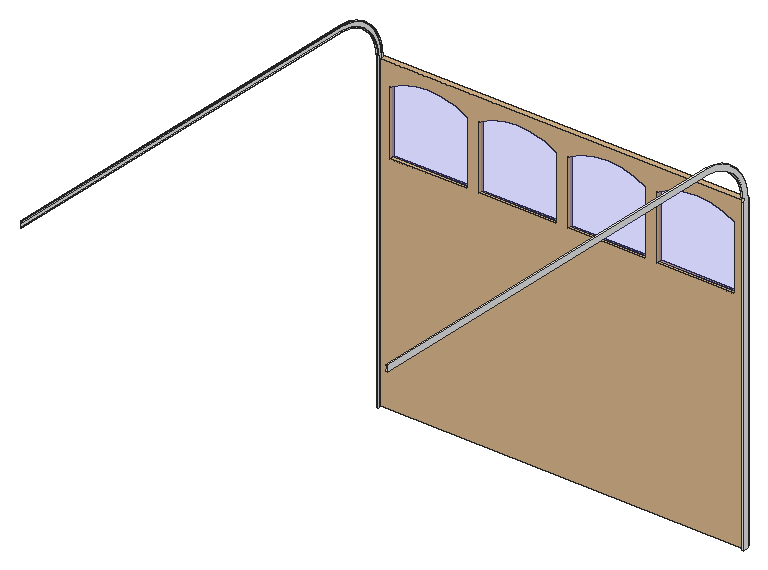
Revit family
Parameters (values of type "7Ft H x 8Ft W")
  Track Width = Width + 0' 2"  # 8' - 2"
  Track Height = Height + 1' 0"  # 8' - 0"
  Track Depth = 10' - 0"
  Track = Metal
  SmartBIM Object Version = 1  # constant formula
  SmartBIM Object Created By = "Reed Construction Data"  # constant formula
  Panel Thickness = 0' - 1 1/2"
  Manufacturer = ""
  Height = 7' - 0"
  Wall Closure = (empty or 0)
  Width = 8' - 0"
  Door Glass = Glass
  Door = Wood
  95 CSI = "08360"  # constant formula
  04 CSI = "08 36 13"  # constant formula
Types (3): name | Track Width | Width
  (no name) | 8' - 2" | 8' - 0"
  7Ft H x 8Ft W | 8' - 2" | 8' - 0"
  7Ft H x 16Ft W | 16' - 2" | 16' - 0"
Reference planes (in)
  plane 1 "Center (Front/Back)": y = 0
  plane 2 "Center (Left/Right)": x = 0
  plane 3 "Left": x = -48
  plane 4 "Right": x = 48
  plane 5 "Top": z = 84
  plane 6: x = -49
  plane 7: x = 49
  plane 8: y = -3.25
  plane 9: z = 60.75
  plane 10: z = 20.25
  plane 11: z = 40.5
  plane 12: z = 81
  plane 13: x = 24
  plane 14: x = -24
  plane 15: y = -2.5
  plane 16: y = -2.5
  plane 17 "Ext": y = -3.25
  plane 18: y = -2.5
  plane 19 "Int": y = -1.75
  plane 20: x = -36
  plane 21: x = -12
  plane 22: x = 12
  plane 23: x = 36
  plane 24: z = 70.875
  plane 25: z = 78
Forms (in)
  Extrusion 1, solid, material "Wood" <- "Door"
    sketch origin (0, 0, 0) x (1, 0, 0) y (0, 0, 1)
      loop
        line (-49, 84) -> (-49, 0) -> (49, 0) -> (49, 84) -> (-49, 84)
      loop
        line (25.5, 78) -> (25.5, 60.75) -> (46.5, 60.75) -> (46.5, 78)
        arc (46.5, 78) -> (36, 81) -> (25.5, 78) r 19.875
      loop
        line (22.5, 60.75) -> (22.5, 78)
        arc (22.5, 78) -> (12, 81) -> (1.5, 78) r 19.875
        line (1.5, 78) -> (1.5, 60.75) -> (22.5, 60.75)
      loop
        line (-1.5, 60.75) -> (-1.5, 78)
        arc (-1.5, 78) -> (-12, 81) -> (-22.5, 78) r 19.875
        line (-22.5, 78) -> (-22.5, 60.75) -> (-1.5, 60.75)
      loop
        line (-25.5, 60.75) -> (-25.5, 78)
        arc (-25.5, 78) -> (-36, 81) -> (-46.5, 78) r 19.875
        line (-46.5, 78) -> (-46.5, 60.75) -> (-25.5, 60.75)
    from 1.75 to 3.25
  Extrusion 2, solid, material "Glass" <- "Door Glass"
    sketch origin (0, 0, 0) x (1, 0, 0) y (0, 0, 1)
      loop
        line (-46.5, 78) -> (-46.5, 60.75) -> (-25.5, 60.75) -> (-25.5, 78)
        arc (-25.5, 78) -> (-36, 81) -> (-46.5, 78) r 19.875
      loop
        line (-22.5, 78) -> (-22.5, 60.75) -> (-1.5, 60.75) -> (-1.5, 78)
        arc (-1.5, 78) -> (-12, 81) -> (-22.5, 78) r 19.875
      loop
        line (1.5, 78) -> (1.5, 60.75) -> (22.5, 60.75) -> (22.5, 78)
        arc (22.5, 78) -> (12, 81) -> (1.5, 78) r 19.875
      loop
        line (25.5, 78) -> (25.5, 60.75) -> (46.5, 60.75) -> (46.5, 78)
        arc (46.5, 78) -> (36, 81) -> (25.5, 78) r 19.875
    from 2.375 to 2.625
Lines and regions (in)
  Opening 1
    outline origin (-90, -1.75, 0) x (1, 0, 0) y (0, 0, 1)
      loop
        line (42, 0) -> (138, 0) -> (138, 84) -> (42, 84) -> (42, 0)
  model lines
    curve 1: line (25.5, -3.25, 59.25) -> (25.5, -3.25, 42)
    curve 2: line (25.5, -3.25, 42) -> (46.5, -3.25, 42)
    curve 3: line (46.5, -3.25, 42) -> (46.5, -3.25, 59.25)
    curve 4: line (46.5, -3.25, 59.25) -> (25.5, -3.25, 59.25)
    curve 5: line (45, -3.25, 57.75) -> (27, -3.25, 57.75)
    curve 6: line (27, -3.25, 57.75) -> (27, -3.25, 43.5)
    curve 7: line (27, -3.25, 43.5) -> (45, -3.25, 43.5)
    curve 8: line (45, -3.25, 43.5) -> (45, -3.25, 57.75)
    curve 9: line (1.5, -3.25, 59.25) -> (1.5, -3.25, 42)
    curve 10: line (1.5, -3.25, 42) -> (22.5, -3.25, 42)
    curve 11: line (22.5, -3.25, 42) -> (22.5, -3.25, 59.25)
    curve 12: line (22.5, -3.25, 59.25) -> (1.5, -3.25, 59.25)
    curve 13: line (21, -3.25, 57.75) -> (3, -3.25, 57.75)
    curve 14: line (3, -3.25, 57.75) -> (3, -3.25, 43.5)
    curve 15: line (3, -3.25, 43.5) -> (21, -3.25, 43.5)
    curve 16: line (21, -3.25, 43.5) -> (21, -3.25, 57.75)
    curve 17: line (-1.5, -3.25, 59.25) -> (-1.5, -3.25, 42)
    curve 18: line (-1.5, -3.25, 42) -> (-22.5, -3.25, 42)
    curve 19: line (-22.5, -3.25, 42) -> (-22.5, -3.25, 59.25)
    curve 20: line (-22.5, -3.25, 59.25) -> (-1.5, -3.25, 59.25)
    curve 21: line (-21, -3.25, 57.75) -> (-3, -3.25, 57.75)
    curve 22: line (-3, -3.25, 57.75) -> (-3, -3.25, 43.5)
    curve 23: line (-3, -3.25, 43.5) -> (-21, -3.25, 43.5)
    curve 24: line (-21, -3.25, 43.5) -> (-21, -3.25, 57.75)
    curve 25: line (-46.5, -3.25, 59.25) -> (-46.5, -3.25, 42)
    curve 26: line (-46.5, -3.25, 42) -> (-25.5, -3.25, 42)
    curve 27: line (-25.5, -3.25, 42) -> (-25.5, -3.25, 59.25)
    curve 28: line (-25.5, -3.25, 59.25) -> (-46.5, -3.25, 59.25)
    curve 29: line (-27, -3.25, 57.75) -> (-45, -3.25, 57.75)
    curve 30: line (-45, -3.25, 57.75) -> (-45, -3.25, 43.5)
    curve 31: line (-45, -3.25, 43.5) -> (-27, -3.25, 43.5)
    curve 32: line (-27, -3.25, 43.5) -> (-27, -3.25, 57.75)
    curve 33: line (-46.5, -3.25, 39) -> (-46.5, -3.25, 21.75)
    curve 34: line (-46.5, -3.25, 21.75) -> (-25.5, -3.25, 21.75)
    curve 35: line (-25.5, -3.25, 21.75) -> (-25.5, -3.25, 39)
    curve 36: line (-25.5, -3.25, 39) -> (-46.5, -3.25, 39)
    curve 37: line (-27, -3.25, 37.5) -> (-45, -3.25, 37.5)
    curve 38: line (-45, -3.25, 37.5) -> (-45, -3.25, 23.25)
    curve 39: line (-45, -3.25, 23.25) -> (-27, -3.25, 23.25)
    curve 40: line (-27, -3.25, 23.25) -> (-27, -3.25, 37.5)
    curve 41: line (-22.5, -3.25, 39) -> (-22.5, -3.25, 21.75)
    curve 42: line (-22.5, -3.25, 21.75) -> (-1.5, -3.25, 21.75)
    curve 43: line (-1.5, -3.25, 21.75) -> (-1.5, -3.25, 39)
    curve 44: line (-1.5, -3.25, 39) -> (-22.5, -3.25, 39)
    curve 45: line (-3, -3.25, 37.5) -> (-21, -3.25, 37.5)
    curve 46: line (-21, -3.25, 37.5) -> (-21, -3.25, 23.25)
    curve 47: line (-21, -3.25, 23.25) -> (-3, -3.25, 23.25)
    curve 48: line (-3, -3.25, 23.25) -> (-3, -3.25, 37.5)
    curve 49: line (22.5, -3.25, 39) -> (22.5, -3.25, 21.75)
    curve 50: line (22.5, -3.25, 21.75) -> (1.5, -3.25, 21.75)
    curve 51: line (1.5, -3.25, 21.75) -> (1.5, -3.25, 39)
    curve 52: line (1.5, -3.25, 39) -> (22.5, -3.25, 39)
    curve 53: line (3, -3.25, 37.5) -> (21, -3.25, 37.5)
    curve 54: line (21, -3.25, 37.5) -> (21, -3.25, 23.25)
    curve 55: line (21, -3.25, 23.25) -> (3, -3.25, 23.25)
    curve 56: line (3, -3.25, 23.25) -> (3, -3.25, 37.5)
    curve 57: line (25.5, -3.25, 39) -> (25.5, -3.25, 21.75)
    curve 58: line (25.5, -3.25, 21.75) -> (46.5, -3.25, 21.75)
    curve 59: line (46.5, -3.25, 21.75) -> (46.5, -3.25, 39)
    curve 60: line (46.5, -3.25, 39) -> (25.5, -3.25, 39)
    curve 61: line (45, -3.25, 37.5) -> (27, -3.25, 37.5)
    curve 62: line (27, -3.25, 37.5) -> (27, -3.25, 23.25)
    curve 63: line (27, -3.25, 23.25) -> (45, -3.25, 23.25)
    curve 64: line (45, -3.25, 23.25) -> (45, -3.25, 37.5)
    curve 65: line (-46.5, -3.25, 1.5) -> (-46.5, -3.25, 18.75)
    curve 66: line (-46.5, -3.25, 18.75) -> (-25.5, -3.25, 18.75)
    curve 67: line (-25.5, -3.25, 18.75) -> (-25.5, -3.25, 1.5)
    curve 68: line (-25.5, -3.25, 1.5) -> (-46.5, -3.25, 1.5)
    curve 69: line (-27, -3.25, 3) -> (-45, -3.25, 3)
    curve 70: line (-45, -3.25, 3) -> (-45, -3.25, 17.25)
    curve 71: line (-45, -3.25, 17.25) -> (-27, -3.25, 17.25)
    curve 72: line (-27, -3.25, 17.25) -> (-27, -3.25, 3)
    curve 73: line (-1.5, -3.25, 1.5) -> (-1.5, -3.25, 18.75)
    curve 74: line (-1.5, -3.25, 18.75) -> (-22.5, -3.25, 18.75)
    curve 75: line (-22.5, -3.25, 18.75) -> (-22.5, -3.25, 1.5)
    curve 76: line (-22.5, -3.25, 1.5) -> (-1.5, -3.25, 1.5)
    curve 77: line (-21, -3.25, 3) -> (-3, -3.25, 3)
    curve 78: line (-3, -3.25, 3) -> (-3, -3.25, 17.25)
    curve 79: line (-3, -3.25, 17.25) -> (-21, -3.25, 17.25)
    curve 80: line (-21, -3.25, 17.25) -> (-21, -3.25, 3)
    curve 81: line (1.5, -3.25, 1.5) -> (1.5, -3.25, 18.75)
    curve 82: line (1.5, -3.25, 18.75) -> (22.5, -3.25, 18.75)
    curve 83: line (22.5, -3.25, 18.75) -> (22.5, -3.25, 1.5)
    curve 84: line (22.5, -3.25, 1.5) -> (1.5, -3.25, 1.5)
    curve 85: line (21, -3.25, 3) -> (3, -3.25, 3)
    curve 86: line (3, -3.25, 3) -> (3, -3.25, 17.25)
    curve 87: line (3, -3.25, 17.25) -> (21, -3.25, 17.25)
    curve 88: line (21, -3.25, 17.25) -> (21, -3.25, 3)
    curve 89: line (46.5, -3.25, 1.5) -> (46.5, -3.25, 18.75)
    curve 90: line (46.5, -3.25, 18.75) -> (25.5, -3.25, 18.75)
    curve 91: line (25.5, -3.25, 18.75) -> (25.5, -3.25, 1.5)
    curve 92: line (25.5, -3.25, 1.5) -> (46.5, -3.25, 1.5)
    curve 93: line (27, -3.25, 3) -> (45, -3.25, 3)
    curve 94: line (45, -3.25, 3) -> (45, -3.25, 17.25)
    curve 95: line (45, -3.25, 17.25) -> (27, -3.25, 17.25)
    curve 96: line (27, -3.25, 17.25) -> (27, -3.25, 3)
    curve 97: line (25.5, -1.75, 59.25) -> (25.5, -1.75, 42)
    curve 98: line (25.5, -1.75, 42) -> (46.5, -1.75, 42)
    curve 99: line (46.5, -1.75, 42) -> (46.5, -1.75, 59.25)
    curve 100: line (46.5, -1.75, 59.25) -> (25.5, -1.75, 59.25)
    curve 101: line (45, -1.75, 57.75) -> (27, -1.75, 57.75)
    curve 102: line (27, -1.75, 57.75) -> (27, -1.75, 43.5)
    curve 103: line (27, -1.75, 43.5) -> (45, -1.75, 43.5)
    curve 104: line (45, -1.75, 43.5) -> (45, -1.75, 57.75)
    curve 105: line (1.5, -1.75, 59.25) -> (1.5, -1.75, 42)
    curve 106: line (1.5, -1.75, 42) -> (22.5, -1.75, 42)
    curve 107: line (22.5, -1.75, 42) -> (22.5, -1.75, 59.25)
    curve 108: line (22.5, -1.75, 59.25) -> (1.5, -1.75, 59.25)
    curve 109: line (21, -1.75, 57.75) -> (3, -1.75, 57.75)
    curve 110: line (3, -1.75, 57.75) -> (3, -1.75, 43.5)
    curve 111: line (3, -1.75, 43.5) -> (21, -1.75, 43.5)
    curve 112: line (21, -1.75, 43.5) -> (21, -1.75, 57.75)
    curve 113: line (-1.5, -1.75, 59.25) -> (-1.5, -1.75, 42)
    curve 114: line (-1.5, -1.75, 42) -> (-22.5, -1.75, 42)
    curve 115: line (-22.5, -1.75, 42) -> (-22.5, -1.75, 59.25)
    curve 116: line (-22.5, -1.75, 59.25) -> (-1.5, -1.75, 59.25)
    curve 117: line (-21, -1.75, 57.75) -> (-3, -1.75, 57.75)
    curve 118: line (-3, -1.75, 57.75) -> (-3, -1.75, 43.5)
    curve 119: line (-3, -1.75, 43.5) -> (-21, -1.75, 43.5)
    curve 120: line (-21, -1.75, 43.5) -> (-21, -1.75, 57.75)
    curve 121: line (-46.5, -1.75, 59.25) -> (-46.5, -1.75, 42)
    curve 122: line (-46.5, -1.75, 42) -> (-25.5, -1.75, 42)
    curve 123: line (-25.5, -1.75, 42) -> (-25.5, -1.75, 59.25)
    curve 124: line (-25.5, -1.75, 59.25) -> (-46.5, -1.75, 59.25)
    curve 125: line (-27, -1.75, 57.75) -> (-45, -1.75, 57.75)
    curve 126: line (-45, -1.75, 57.75) -> (-45, -1.75, 43.5)
    curve 127: line (-45, -1.75, 43.5) -> (-27, -1.75, 43.5)
    curve 128: line (-27, -1.75, 43.5) -> (-27, -1.75, 57.75)
    curve 129: line (-46.5, -1.75, 39) -> (-46.5, -1.75, 21.75)
    curve 130: line (-46.5, -1.75, 21.75) -> (-25.5, -1.75, 21.75)
    curve 131: line (-25.5, -1.75, 21.75) -> (-25.5, -1.75, 39)
    curve 132: line (-25.5, -1.75, 39) -> (-46.5, -1.75, 39)
    curve 133: line (-27, -1.75, 37.5) -> (-45, -1.75, 37.5)
    curve 134: line (-45, -1.75, 37.5) -> (-45, -1.75, 23.25)
    curve 135: line (-45, -1.75, 23.25) -> (-27, -1.75, 23.25)
    curve 136: line (-27, -1.75, 23.25) -> (-27, -1.75, 37.5)
    curve 137: line (-22.5, -1.75, 39) -> (-22.5, -1.75, 21.75)
    curve 138: line (-22.5, -1.75, 21.75) -> (-1.5, -1.75, 21.75)
    curve 139: line (-1.5, -1.75, 21.75) -> (-1.5, -1.75, 39)
    curve 140: line (-1.5, -1.75, 39) -> (-22.5, -1.75, 39)
    curve 141: line (-3, -1.75, 37.5) -> (-21, -1.75, 37.5)
    curve 142: line (-21, -1.75, 37.5) -> (-21, -1.75, 23.25)
    curve 143: line (-21, -1.75, 23.25) -> (-3, -1.75, 23.25)
    curve 144: line (-3, -1.75, 23.25) -> (-3, -1.75, 37.5)
    curve 145: line (22.5, -1.75, 39) -> (22.5, -1.75, 21.75)
    curve 146: line (22.5, -1.75, 21.75) -> (1.5, -1.75, 21.75)
    curve 147: line (1.5, -1.75, 21.75) -> (1.5, -1.75, 39)
    curve 148: line (1.5, -1.75, 39) -> (22.5, -1.75, 39)
    curve 149: line (3, -1.75, 37.5) -> (21, -1.75, 37.5)
    curve 150: line (21, -1.75, 37.5) -> (21, -1.75, 23.25)
    curve 151: line (21, -1.75, 23.25) -> (3, -1.75, 23.25)
    curve 152: line (3, -1.75, 23.25) -> (3, -1.75, 37.5)
    curve 153: line (25.5, -1.75, 39) -> (25.5, -1.75, 21.75)
    curve 154: line (25.5, -1.75, 21.75) -> (46.5, -1.75, 21.75)
    curve 155: line (46.5, -1.75, 21.75) -> (46.5, -1.75, 39)
    curve 156: line (46.5, -1.75, 39) -> (25.5, -1.75, 39)
    curve 157: line (45, -1.75, 37.5) -> (27, -1.75, 37.5)
    curve 158: line (27, -1.75, 37.5) -> (27, -1.75, 23.25)
    curve 159: line (27, -1.75, 23.25) -> (45, -1.75, 23.25)
    curve 160: line (45, -1.75, 23.25) -> (45, -1.75, 37.5)
    curve 161: line (-46.5, -1.75, 1.5) -> (-46.5, -1.75, 18.75)
    curve 162: line (-46.5, -1.75, 18.75) -> (-25.5, -1.75, 18.75)
    curve 163: line (-25.5, -1.75, 18.75) -> (-25.5, -1.75, 1.5)
    curve 164: line (-25.5, -1.75, 1.5) -> (-46.5, -1.75, 1.5)
    curve 165: line (-27, -1.75, 3) -> (-45, -1.75, 3)
    curve 166: line (-45, -1.75, 3) -> (-45, -1.75, 17.25)
    curve 167: line (-45, -1.75, 17.25) -> (-27, -1.75, 17.25)
    curve 168: line (-27, -1.75, 17.25) -> (-27, -1.75, 3)
    curve 169: line (-1.5, -1.75, 1.5) -> (-1.5, -1.75, 18.75)
    curve 170: line (-1.5, -1.75, 18.75) -> (-22.5, -1.75, 18.75)
    curve 171: line (-22.5, -1.75, 18.75) -> (-22.5, -1.75, 1.5)
    curve 172: line (-22.5, -1.75, 1.5) -> (-1.5, -1.75, 1.5)
    curve 173: line (-21, -1.75, 3) -> (-3, -1.75, 3)
    curve 174: line (-3, -1.75, 3) -> (-3, -1.75, 17.25)
    curve 175: line (-3, -1.75, 17.25) -> (-21, -1.75, 17.25)
    curve 176: line (-21, -1.75, 17.25) -> (-21, -1.75, 3)
    curve 177: line (1.5, -1.75, 1.5) -> (1.5, -1.75, 18.75)
    curve 178: line (1.5, -1.75, 18.75) -> (22.5, -1.75, 18.75)
    curve 179: line (22.5, -1.75, 18.75) -> (22.5, -1.75, 1.5)
    curve 180: line (22.5, -1.75, 1.5) -> (1.5, -1.75, 1.5)
    curve 181: line (21, -1.75, 3) -> (3, -1.75, 3)
    curve 182: line (3, -1.75, 3) -> (3, -1.75, 17.25)
    curve 183: line (3, -1.75, 17.25) -> (21, -1.75, 17.25)
    curve 184: line (21, -1.75, 17.25) -> (21, -1.75, 3)
    curve 185: line (46.5, -1.75, 1.5) -> (46.5, -1.75, 18.75)
    curve 186: line (46.5, -1.75, 18.75) -> (25.5, -1.75, 18.75)
    curve 187: line (25.5, -1.75, 18.75) -> (25.5, -1.75, 1.5)
    curve 188: line (25.5, -1.75, 1.5) -> (46.5, -1.75, 1.5)
    curve 189: line (27, -1.75, 3) -> (45, -1.75, 3)
    curve 190: line (45, -1.75, 3) -> (45, -1.75, 17.25)
    curve 191: line (45, -1.75, 17.25) -> (27, -1.75, 17.25)
    curve 192: line (27, -1.75, 17.25) -> (27, -1.75, 3)
    curve 193: line (3, -1.75, 57.75) -> (1.5, -1.75, 59.25)
    curve 194: line (3, -1.75, 43.5) -> (1.5, -1.75, 42)
    curve 195: line (21, -1.75, 57.75) -> (22.5, -1.75, 59.25)
    curve 196: line (21, -1.75, 43.5) -> (22.5, -1.75, 42)
    curve 197: line (45, -1.75, 57.75) -> (46.5, -1.75, 59.25)
    curve 198: line (45, -1.75, 43.5) -> (46.5, -1.75, 42)
    curve 199: line (27, -1.75, 57.75) -> (25.5, -1.75, 59.25)
    curve 200: line (27, -1.75, 43.5) -> (25.5, -1.75, 42)
    curve 201: line (45, -1.75, 23.25) -> (46.5, -1.75, 21.75)
    curve 202: line (45, -1.75, 37.5) -> (46.5, -1.75, 39)
    curve 203: line (27, -1.75, 23.25) -> (25.5, -1.75, 21.75)
    curve 204: line (27, -1.75, 37.5) -> (25.5, -1.75, 39)
    curve 205: line (45, -1.75, 17.25) -> (46.5, -1.75, 18.75)
    curve 206: line (45, -1.75, 3) -> (46.5, -1.75, 1.5)
    curve 207: line (27, -1.75, 17.25) -> (25.5, -1.75, 18.75)
    curve 208: line (27, -1.75, 3) -> (25.5, -1.75, 1.5)
    curve 209: line (3, -1.75, 17.25) -> (1.5, -1.75, 18.75)
    curve 210: line (3, -1.75, 3) -> (1.5, -1.75, 1.5)
    curve 211: line (21, -1.75, 17.25) -> (22.5, -1.75, 18.75)
    curve 212: line (21, -1.75, 3) -> (22.5, -1.75, 1.5)
    curve 213: line (-3, -1.75, 17.25) -> (-1.5, -1.75, 18.75)
    curve 214: line (-3, -1.75, 3) -> (-1.5, -1.75, 1.5)
    curve 215: line (-21, -1.75, 17.25) -> (-22.5, -1.75, 18.75)
    curve 216: line (-21, -1.75, 3) -> (-22.5, -1.75, 1.5)
    curve 217: line (-45, -1.75, 17.25) -> (-46.5, -1.75, 18.75)
    curve 218: line (-45, -1.75, 3) -> (-46.5, -1.75, 1.5)
    curve 219: line (-27, -1.75, 17.25) -> (-25.5, -1.75, 18.75)
    curve 220: line (-27, -1.75, 3) -> (-25.5, -1.75, 1.5)
    curve 221: line (-45, -1.75, 23.25) -> (-46.5, -1.75, 21.75)
    curve 222: line (-45, -1.75, 37.5) -> (-46.5, -1.75, 39)
    curve 223: line (-27, -1.75, 23.25) -> (-25.5, -1.75, 21.75)
    curve 224: line (-27, -1.75, 37.5) -> (-25.5, -1.75, 39)
    curve 225: line (-3, -1.75, 23.25) -> (-1.5, -1.75, 21.75)
    curve 226: line (-3, -1.75, 37.5) -> (-1.5, -1.75, 39)
    curve 227: line (-21, -1.75, 23.25) -> (-22.5, -1.75, 21.75)
    curve 228: line (-21, -1.75, 37.5) -> (-22.5, -1.75, 39)
    curve 229: line (3, -1.75, 23.25) -> (1.5, -1.75, 21.75)
    curve 230: line (3, -1.75, 37.5) -> (1.5, -1.75, 39)
    curve 231: line (21, -1.75, 23.25) -> (22.5, -1.75, 21.75)
    curve 232: line (21, -1.75, 37.5) -> (22.5, -1.75, 39)
    curve 233: line (-3, -1.75, 57.75) -> (-1.5, -1.75, 59.25)
    curve 234: line (-3, -1.75, 43.5) -> (-1.5, -1.75, 42)
    curve 235: line (-21, -1.75, 57.75) -> (-22.5, -1.75, 59.25)
    curve 236: line (-21, -1.75, 43.5) -> (-22.5, -1.75, 42)
    curve 237: line (-45, -1.75, 57.75) -> (-46.5, -1.75, 59.25)
    curve 238: line (-45, -1.75, 43.5) -> (-46.5, -1.75, 42)
    curve 239: line (-27, -1.75, 57.75) -> (-25.5, -1.75, 59.25)
    curve 240: line (-27, -1.75, 43.5) -> (-25.5, -1.75, 42)
    curve 241: line (-45, -3.25, 57.75) -> (-46.5, -3.25, 59.25)
    curve 242: line (-27, -3.25, 57.75) -> (-25.5, -3.25, 59.25)
    curve 243: line (-45, -3.25, 43.5) -> (-46.5, -3.25, 42)
    curve 244: line (-27, -3.25, 43.5) -> (-25.5, -3.25, 42)
    curve 245: line (-3, -3.25, 57.75) -> (-1.5, -3.25, 59.25)
    curve 246: line (-21, -3.25, 57.75) -> (-22.5, -3.25, 59.25)
    curve 247: line (-3, -3.25, 43.5) -> (-1.5, -3.25, 42)
    curve 248: line (-21, -3.25, 43.5) -> (-22.5, -3.25, 42)
    curve 249: line (3, -3.25, 57.75) -> (1.5, -3.25, 59.25)
    curve 250: line (21, -3.25, 57.75) -> (22.5, -3.25, 59.25)
    curve 251: line (3, -3.25, 43.5) -> (1.5, -3.25, 42)
    curve 252: line (21, -3.25, 43.5) -> (22.5, -3.25, 42)
    curve 253: line (45, -3.25, 57.75) -> (46.5, -3.25, 59.25)
    curve 254: line (27, -3.25, 57.75) -> (25.5, -3.25, 59.25)
    curve 255: line (45, -3.25, 43.5) -> (46.5, -3.25, 42)
    curve 256: line (27, -3.25, 43.5) -> (25.5, -3.25, 42)
    curve 257: line (45, -3.25, 23.25) -> (46.5, -3.25, 21.75)
    curve 258: line (27, -3.25, 23.25) -> (25.5, -3.25, 21.75)
    curve 259: line (45, -3.25, 37.5) -> (46.5, -3.25, 39)
    curve 260: line (27, -3.25, 37.5) -> (25.5, -3.25, 39)
    curve 261: line (3, -3.25, 23.25) -> (1.5, -3.25, 21.75)
    curve 262: line (21, -3.25, 23.25) -> (22.5, -3.25, 21.75)
    curve 263: line (3, -3.25, 37.5) -> (1.5, -3.25, 39)
    curve 264: line (21, -3.25, 37.5) -> (22.5, -3.25, 39)
    curve 265: line (-3, -3.25, 23.25) -> (-1.5, -3.25, 21.75)
    curve 266: line (-21, -3.25, 23.25) -> (-22.5, -3.25, 21.75)
    curve 267: line (-3, -3.25, 37.5) -> (-1.5, -3.25, 39)
    curve 268: line (-21, -3.25, 37.5) -> (-22.5, -3.25, 39)
    curve 269: line (-45, -3.25, 23.25) -> (-46.5, -3.25, 21.75)
    curve 270: line (-27, -3.25, 23.25) -> (-25.5, -3.25, 21.75)
    curve 271: line (-45, -3.25, 37.5) -> (-46.5, -3.25, 39)
    curve 272: line (-27, -3.25, 37.5) -> (-25.5, -3.25, 39)
    curve 273: line (-45, -3.25, 17.25) -> (-46.5, -3.25, 18.75)
    curve 274: line (-27, -3.25, 17.25) -> (-25.5, -3.25, 18.75)
    curve 275: line (-45, -3.25, 3) -> (-46.5, -3.25, 1.5)
    curve 276: line (-27, -3.25, 3) -> (-25.5, -3.25, 1.5)
    curve 277: line (-3, -3.25, 17.25) -> (-1.5, -3.25, 18.75)
    curve 278: line (-21, -3.25, 17.25) -> (-22.5, -3.25, 18.75)
    curve 279: line (-3, -3.25, 3) -> (-1.5, -3.25, 1.5)
    curve 280: line (-21, -3.25, 3) -> (-22.5, -3.25, 1.5)
    curve 281: line (3, -3.25, 17.25) -> (1.5, -3.25, 18.75)
    curve 282: line (21, -3.25, 17.25) -> (22.5, -3.25, 18.75)
    curve 283: line (3, -3.25, 3) -> (1.5, -3.25, 1.5)
    curve 284: line (21, -3.25, 3) -> (22.5, -3.25, 1.5)
    curve 285: line (45, -3.25, 17.25) -> (46.5, -3.25, 18.75)
    curve 286: line (27, -3.25, 17.25) -> (25.5, -3.25, 18.75)
    curve 287: line (45, -3.25, 3) -> (46.5, -3.25, 1.5)
    curve 288: line (27, -3.25, 3) -> (25.5, -3.25, 1.5)
Text (in)
  text "Exterior" at (-74.96733, 27.31104, 0), in view "Ref. Level"
  text "Interior" at (-76.69036, -30.31274, 0), in view "Ref. Level"
  text "Exterior" at (0, 40.15149, 123.01588), in view "Right"
  text "Interior" at (0, -64.39139, 123.01588), in view "Right"
  text "Interior" at (0, -31.01599, 123.00693), in view "Left"
  text "Exterior" at (0, 54.57065, 123.00693), in view "Left"
Dimensions and locks (in)
  equal spacing: plane 3 "Left", plane 2 "Center (Left/Right)", plane 4 "Right"
  "Height": level to plane 5 "Top"
  "Width": plane 3 "Left" to plane 4 "Right"
  locked: plane 6 to plane 3 "Left" at 1
  locked: plane 4 "Right" to plane 7 at 1
  locked: plane 12 to plane 5 "Top" at 3
  equal spacing: level, plane 10, plane 11, plane 9, plane 12
  equal spacing: plane 2 "Center (Left/Right)", plane 13, plane 4 "Right"
  equal spacing: plane 2 "Center (Left/Right)", plane 14, plane 3 "Left"
  locked: Extrusion 1 sketch curve to plane 4 "Right" at 1.5
  equal spacing: Extrusion 1 sketch curve, plane 13, Extrusion 1 sketch curve
  locked: Extrusion 1 sketch curve to Extrusion 1 sketch curve at 3
  plane 2 "Center (Left/Right)" to Extrusion 1 sketch curve = 0' - 1 1/2"
  plane 14 to Extrusion 1 sketch curve = 0' - 1 1/2"
  locked: Extrusion 2 to Extrusion 2 at 0.25  (x2)
  host wall to plane 15 to plane 8 = 0' - 0 3/4", 0' - 0 3/4"
  equal spacing: Extrusion 2, plane 16, Extrusion 2
  curve 8 to curve 3 to plane 4 "Right" = 0' - 1 1/2" locked, 0' - 1 1/2" locked
  curve 5 to curve 4 to plane 9 = 0' - 1 1/2" locked, 0' - 1 1/2" locked
  curve 6 to curve 1 to plane 13 = 0' - 1 1/2" locked, 0' - 1 1/2" locked
  plane 11 to curve 2 to curve 7 = 0' - 1 1/2" locked, 0' - 1 1/2" locked
  curve 16 to curve 11 to plane 13 = 0' - 1 1/2" locked, 0' - 1 1/2" locked
  curve 14 to curve 9 to plane 2 "Center (Left/Right)" = 0' - 1 1/2" locked, 0' - 1 1/2" locked
  plane 2 "Center (Left/Right)" to curve 17 to curve 22 = 0' - 1 1/2" locked, 0' - 1 1/2" locked
  plane 14 to curve 24 = 0' - 3"
  curve 32 to curve 27 to plane 14 = 0' - 1 1/2" locked, 0' - 1 1/2" locked
  plane 3 "Left" to curve 25 to curve 30 = 0' - 1 1/2" locked, 0' - 1 1/2" locked
  plane 11 to curve 36 to curve 37 = 0' - 1 1/2" locked, 0' - 1 1/2" locked
  curve 39 to curve 34 to plane 10 = 0' - 1 1/2" locked, 0' - 1 1/2" locked
  plane 10 to curve 66 to curve 71 = 0' - 1 1/2" locked, 0' - 1 1/2" locked
  curve 69 to curve 68 to level = 0' - 1 1/2" locked, 0' - 1 1/2" locked
  equal spacing: plane 17 "Ext", plane 18, plane 19 "Int"
  locked: curve 104 to curve 99 at 1.5
  locked: curve 101 to curve 100 at 1.5
  locked: curve 102 to curve 97 at 1.5
  locked: curve 98 to curve 103 at 1.5
  locked: curve 112 to curve 107 at 1.5
  locked: curve 110 to curve 105 at 1.5
  locked: curve 113 to curve 118 at 1.5
  locked: curve 128 to curve 123 at 1.5
  locked: curve 121 to curve 126 at 1.5
  locked: curve 132 to curve 133 at 1.5
  locked: curve 135 to curve 130 at 1.5
  locked: curve 162 to curve 167 at 1.5
  locked: curve 165 to curve 164 at 1.5
  "Panel Thickness": plane 19 "Int" to plane 17 "Ext"
  equal spacing: Extrusion 1 sketch curve, plane 23, Extrusion 1 sketch curve
  equal spacing: plane 13, plane 23, plane 4 "Right"
  equal spacing: plane 13, plane 22, plane 2 "Center (Left/Right)"
  equal spacing: plane 2 "Center (Left/Right)", plane 21, plane 14
  equal spacing: plane 3 "Left", plane 20, plane 14
  equal spacing: plane 12, plane 24, plane 9
  locked: plane 25 to plane 12 at 3
  locked: plane 12 to Extrusion 1 sketch curve at 0  (x4)
  locked: Extrusion 1 sketch curve to plane 2 "Center (Left/Right)" at 1.5
  aligned and locked: plane 3 "Left" to Opening 1 sketch curve
  aligned and locked: plane 5 "Top" to Opening 1 sketch curve  (x2)
  aligned and locked: Opening 1 sketch curve to plane 4 "Right"
  aligned and locked: Opening 1 sketch curve to level
  aligned and locked: Extrusion 1 sketch curve to plane 6
  aligned and locked: Extrusion 1 sketch curve to plane 7
  aligned and locked: Extrusion 1 sketch curve to level
  aligned and locked: Extrusion 1 sketch curve to host wall
  aligned and locked: plane 9 to Extrusion 1 sketch curve  (x3)
  aligned and locked: Extrusion 1 sketch curve to plane 9
  aligned and locked: plane 15 to plane 16
  aligned and locked: curve 30 to curve 38
  aligned and locked: curve 25 to curve 33
  aligned and locked: curve 40 to curve 32
  aligned and locked: curve 35 to curve 27
  aligned and locked: curve 19 to curve 41
  aligned and locked: curve 24 to curve 46
  aligned and locked: curve 44 to curve 36
  aligned and locked: curve 45 to curve 37
  aligned and locked: curve 39 to curve 47
  aligned and locked: curve 34 to curve 42
  aligned and locked: curve 48 to curve 22
  aligned and locked: curve 43 to curve 17
  aligned and locked: curve 44 to curve 52
  aligned and locked: curve 45 to curve 53
  aligned and locked: curve 55 to curve 47
  aligned and locked: curve 50 to curve 42
  aligned and locked: curve 51 to curve 9
  aligned and locked: curve 56 to curve 14
  aligned and locked: curve 11 to curve 49
  aligned and locked: curve 16 to curve 54
  aligned and locked: curve 60 to curve 52
  aligned and locked: curve 61 to curve 53
  aligned and locked: curve 55 to curve 63
  aligned and locked: curve 50 to curve 58
  aligned and locked: curve 1 to curve 57
  aligned and locked: curve 6 to curve 62
  aligned and locked: curve 64 to curve 8
  aligned and locked: curve 59 to curve 3
  aligned and locked: curve 65 to curve 33
  aligned and locked: curve 70 to curve 38
  aligned and locked: curve 40 to curve 72
  aligned and locked: curve 35 to curve 67
  aligned and locked: curve 68 to curve 76
  aligned and locked: curve 74 to curve 66
  aligned and locked: curve 41 to curve 75
  aligned and locked: curve 46 to curve 80
  aligned and locked: curve 78 to curve 48
  aligned and locked: curve 73 to curve 43
  aligned and locked: curve 81 to curve 51
  aligned and locked: curve 86 to curve 56
  aligned and locked: curve 54 to curve 88
  aligned and locked: curve 49 to curve 83
  aligned and locked: curve 74 to curve 82
  aligned and locked: curve 79 to curve 87
  aligned and locked: curve 84 to curve 76
  aligned and locked: curve 85 to curve 77
  aligned and locked: curve 90 to curve 82
  aligned and locked: curve 95 to curve 87
  aligned and locked: curve 84 to curve 92
  aligned and locked: curve 85 to curve 93
  aligned and locked: curve 57 to curve 91
  aligned and locked: curve 62 to curve 96
  aligned and locked: curve 94 to curve 64
  aligned and locked: curve 89 to curve 59
  aligned and locked: host wall to plane 19 "Int"
  aligned and locked: plane 16 to plane 18
  aligned and locked: plane 17 "Ext" to Extrusion 1
  aligned and locked: Extrusion 1 to host wall
  aligned and locked: curve 241 to curve 237
  aligned and locked: plane 25 to Extrusion 1 sketch curve  (x8)
  aligned and locked: Extrusion 2 sketch curve to Extrusion 1  (x16)
  aligned and locked: plane 18 to nested 1
  aligned and locked: nested 1 to plane 2 "Center (Left/Right)"
Automatic sketch dimensions
  curve 124 to plane 3 "Left" = 0' - 1 1/2"
  curve 222 to plane 3 "Left" = 0' - 1 1/2"
  curve 218 to plane 3 "Left" = 0' - 1 1/2"
  curve 161 to curve 217 = 0' - 1 1/2"
  curve 129 to curve 222 = 0' - 1 1/2"
  plane 14 to curve 135 = 0' - 3"
  plane 14 to curve 168 = 0' - 3"
  plane 14 to curve 128 = 0' - 3"
  plane 14 to curve 164 = 0' - 1 1/2"
  plane 14 to curve 224 = 0' - 1 1/2"
  curve 115 to plane 14 = 0' - 1 1/2"
  curve 216 to plane 14 = 0' - 1 1/2"
  curve 227 to plane 14 = 0' - 1 1/2"
  curve 137 to curve 142 = 0' - 1 1/2"
  curve 114 to curve 119 = 0' - 1 1/2"
  curve 171 to curve 173 = 0' - 1 1/2"
  curve 119 to plane 2 "Center (Left/Right)" = 0' - 3"
  curve 214 to plane 2 "Center (Left/Right)" = 0' - 3"
  curve 226 to plane 2 "Center (Left/Right)" = 0' - 3"
  curve 169 to plane 2 "Center (Left/Right)" = 0' - 1 1/2"
  curve 140 to plane 2 "Center (Left/Right)" = 0' - 1 1/2"
  plane 2 "Center (Left/Right)" to curve 194 = 0' - 1 1/2"
  plane 2 "Center (Left/Right)" to curve 230 = 0' - 1 1/2"
  plane 2 "Center (Left/Right)" to curve 210 = 0' - 1 1/2"
  curve 177 to curve 209 = 0' - 1 1/2"
  curve 147 to curve 152 = 0' - 1 1/2"
  plane 13 to curve 184 = 0' - 3"
  plane 13 to curve 196 = 0' - 3"
  plane 13 to curve 150 = 0' - 3"
  plane 13 to curve 212 = 0' - 1 1/2"
  plane 13 to curve 145 = 0' - 1 1/2"
  curve 203 to plane 13 = 0' - 1 1/2"
  curve 186 to plane 13 = 0' - 1 1/2"
  curve 200 to plane 13 = 0' - 1 1/2"
  curve 187 to curve 208 = 0' - 1 1/2"
  curve 153 to curve 159 = 0' - 1 1/2"
  plane 4 "Right" to curve 190 = 0' - 3"
  plane 4 "Right" to curve 197 = 0' - 3"
  plane 4 "Right" to curve 201 = 0' - 3"
  plane 4 "Right" to curve 205 = 0' - 1 1/2"
  plane 4 "Right" to curve 202 = 0' - 1 1/2"
  level to curve 169 = 0' - 1 1/2"
  level to curve 218 = 0' - 1 1/2"
  level to curve 212 = 0' - 1 1/2"
  level to curve 206 = 0' - 1 1/2"
  curve 177 to curve 210 = 0' - 1 1/2"
  curve 171 to curve 176 = 0' - 1 1/2"
  curve 185 to curve 190 = 0' - 1 1/2"
  curve 217 to plane 10 = 0' - 3"
  curve 205 to plane 10 = 0' - 3"
  curve 215 to plane 10 = 0' - 3"
  curve 209 to plane 10 = 0' - 3"
  curve 177 to plane 10 = 0' - 1 1/2"
  curve 207 to plane 10 = 0' - 1 1/2"
  curve 170 to plane 10 = 0' - 1 1/2"
  plane 10 to curve 201 = 0' - 1 1/2"
  plane 10 to curve 145 = 0' - 1 1/2"
  plane 10 to curve 129 = 0' - 1 1/2"
  plane 10 to curve 139 = 0' - 1 1/2"
  curve 145 to curve 231 = 0' - 1 1/2"
  curve 153 to curve 158 = 0' - 1 1/2"
  curve 138 to curve 144 = 0' - 1 1/2"
  curve 204 to plane 11 = 0' - 3"
  curve 226 to plane 11 = 0' - 3"
  curve 224 to plane 11 = 0' - 3"
  curve 230 to plane 11 = 0' - 3"
  curve 139 to plane 11 = 0' - 1 1/2"
  curve 145 to plane 11 = 0' - 1 1/2"
  curve 202 to plane 11 = 0' - 1 1/2"
  plane 11 to curve 107 = 0' - 1 1/2"
  plane 11 to curve 113 = 0' - 1 1/2"
  plane 11 to curve 121 = 0' - 1 1/2"
  plane 11 to curve 198 = 0' - 1 1/2"
  curve 122 to curve 240 = 0' - 1 1/2"
  curve 105 to curve 110 = 0' - 1 1/2"
  curve 113 to curve 118 = 0' - 1 1/2"
  curve 120 to plane 9 = 0' - 3"
  curve 125 to plane 9 = 0' - 3"
  curve 101 to plane 9 = 0' - 3"
  curve 112 to plane 9 = 0' - 3"
  curve 105 to plane 9 = 0' - 1 1/2"
  curve 113 to plane 9 = 0' - 1 1/2"
  curve 121 to plane 9 = 0' - 1 1/2"
  curve 19 to plane 14 = 0' - 1 1/2"
  curve 83 to curve 284 = 0' - 1 1/2"
  curve 286 to curve 90 = 0' - 1 1/2"
  plane 11 to curve 19 = 0' - 1 1/2"
  plane 11 to curve 25 = 0' - 1 1/2"
  plane 11 to curve 9 = 0' - 1 1/2"
  curve 26 to curve 32 = 0' - 1 1/2"
  curve 9 to curve 251 = 0' - 1 1/2"
  curve 18 to curve 248 = 0' - 1 1/2"
  curve 22 to plane 9 = 0' - 3"
  curve 13 to plane 9 = 0' - 3"
  curve 250 to plane 9 = 0' - 1 1/2"
  curve 246 to plane 9 = 0' - 1 1/2"
  Extrusion 1 sketch curve to plane 20 = 0' - 0"
  Extrusion 1 sketch curve to plane 21 = 0' - 0"
  Extrusion 1 sketch curve to plane 3 "Left" = 0' - 1 1/2"
  Extrusion 1 sketch curve to plane 14 = 0' - 1 1/2"
Nested families (in)
  nested 1: "Door Track" at (-0.5, -64, 0), Width <- "Track Width", Height <- "Track Height", Depth <- "Track Depth", type "Door Track"
    with Width 8' - 2", Height 8' - 0", Depth 10' - 0"
Definition of nested family "Door Track"
  Parameters
    Width [instance] = 10' - 0"
    Track = Metal
    Height [instance] = 11' - 0"
    Depth [instance] = 8' - 0"
  Reference planes (in)
    plane 1 "Center (Front/Back)": y = 0
    plane 2: z = 0
    plane 3 "Center (Left/Right)": x = 0.5
    plane 4 "Back": y = 48
    plane 5 "Front": y = -48
    plane 6 "Left": x = -59.5
    plane 7 "Right": x = 60.5
    plane 8 "Top": z = 132
    plane 9 "Center (Up/Down)": z = 66
    plane 10: y = 48.75
    plane 11: y = 49.5
  Forms (in)
    Sweep 1, solid, material "Metal" <- "Track"
      path origin (60.5, 60, 48) x (0, 1, 0) y (0, 0, 1)
        loop
          line (-12, -48) -> (-12, 72)
          arc (-12, 72) -> (-15.51472, 80.48528) -> (-24, 84) r 12
          line (-24, 84) -> (-108, 84)
      profile origin (60.5, -6, 132) x (0, 0, -1) y (1, 0, 0)
        loop
          line (-1.5, 0) -> (-1.375, 0) -> (-1.375, 0.375) -> (-0.125, 0.375) -> (-0.125, 0) -> (0, 0) -> (0, 0.5) -> (-1.5, 0.5) -> (-1.5, 0)
    Sweep 2, solid, material "Metal" <- "Track"
      path origin (-59.5, 60, 48) x (0, 1, 0) y (0, 0, 1)
        loop
          line (-12, -48) -> (-12, 72)
          arc (-12, 72) -> (-15.51472, 80.48528) -> (-24, 84) r 12
          line (-24, 84) -> (-108, 84)
      profile origin (-59.5, -6, 132) x (0, 0, -1) y (1, 0, 0)
        loop
          line (-1.5, 0) -> (-1.5, -0.5) -> (0, -0.5) -> (0, 0) -> (-0.125, 0) -> (-0.125, -0.375) -> (-1.375, -0.375) -> (-1.375, 0) -> (-1.5, 0)
  Dimensions and locks (in)
    equal spacing: plane 6 "Left", plane 3 "Center (Left/Right)", plane 7 "Right"
    "Width": plane 6 "Left" to plane 7 "Right"
    equal spacing: plane 4 "Back", plane 1 "Center (Front/Back)", plane 5 "Front"
    "Depth": plane 4 "Back" to plane 5 "Front"
    "Height": plane 8 "Top" to plane 2
    equal spacing: plane 8 "Top", plane 9 "Center (Up/Down)", level
    locked: Sweep 2 sketch curve to Sweep 2 sketch curve at 0.125  (x3)
    locked: Sweep 2 sketch curve to Sweep 2 sketch curve at 0.5  (x2)
    locked: Sweep 2 sketch curve to Sweep 2 sketch curve at 1.5
    locked: Sweep 1 sketch curve to Sweep 1 sketch curve at 0.5  (x2)
    locked: Sweep 1 sketch curve to Sweep 1 sketch curve at 0.125  (x3)
    locked: Sweep 1 sketch curve to Sweep 1 sketch curve at 1.5
    equal spacing: plane 4 "Back", plane 10, plane 11
    locked: plane 10 to plane 11 at 0.75
    radius of Sweep 1 sketch curve = 1' - 0"
    radius of Sweep 2 sketch curve = 1' - 0"
    aligned and locked: plane 8 "Top" to Sweep 1 sketch curve  (x2)
    aligned and locked: plane 5 "Front" to Sweep 1 sketch curve
    aligned and locked: plane 4 "Back" to Sweep 1 sketch curve
    aligned and locked: plane 4 "Back" to Sweep 2 sketch curve
    aligned and locked: plane 5 "Front" to Sweep 2 sketch curve
    aligned and locked: level to Sweep 2 sketch curve
    aligned and locked: Sweep 2 sketch curve to profile plane  (x2)
    aligned and locked: Sweep 1 sketch curve to profile plane
    aligned and locked: plane 11 to Sweep 1
  Automatic sketch dimensions
    Sweep 1 sketch curve to level = 0' - 0"
    Sweep 2 sketch curve to plane 8 "Top" = 0' - 0"
